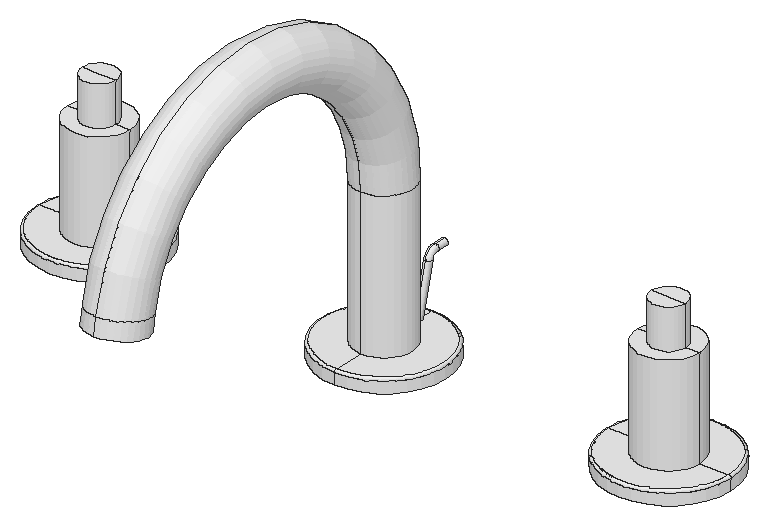
Revit family "Faucet-Lavatory-Grohe-Atrio-20072_Series", category Plumbing Fixtures, Revit 2014
Parameters (values of type "20072003")
  cUPC Compliant = yes
  Waste Connection = no
  Warranty Documentation Link = "https://cdn.cloud.grohe.com/tpi/1000/1900/1940/1949/1949006/original/1949006.pdf"
  WFU = 0
  Vent Connection = no
  URL = "http://www.grohe.com"
  Product Page URL = "https://www.grohe.us/en_us/atrio-8-widespread-two-handle-bathroom-faucet-s-size-20072003.html"
  Price = "Prices may vary. Please consult Manufacturer Representative for most up-to-date price list."  # constant formula
  Model = "20072003"
  Material = "Metal-Grohe-003-Chrome"
  Manufacturer = "Grohe"
  Length = 5 13/16"  # constant formula
  Installation Type = "Deck-Mounted"
  Hot Water Connection Diameter = 3/8"
  Height = 6 13/16"  # constant formula
  Handle Distance [instance] = 10"
  HWFU = 1.5
  HW Connection = yes
  Flow Rate = "1.2 gpm (4.5 L/min)"  # constant formula
  Finish = Metal-Grohe-003-Chrome
  Description = "Atrio 8\" Widespread Two-Handle Bathroom Faucet S-Size"
  Default Elevation = 0"
  Creation Date = "11/05/2018"  # constant formula
  Cold Water Connection Diameter = 3/8"
  CalGreen Compliant = yes
  CWFU = 1.5
  CW Connection = yes
  Assembly Code = "D2020300"
Types (3): name | Product Page URL | Model | Material | Finish
  (no name) | "https://www.grohe.us/en_us/atrio-8-widespread-two-handle-bathroom-faucet-s-size-20072003.html" | "20072003" | "Metal-Grohe-003-Chrome" | Metal-Grohe-003-Chrome
  20072003 | "https://www.grohe.us/en_us/atrio-8-widespread-two-handle-bathroom-faucet-s-size-20072003.html" | "20072003" | "Metal-Grohe-003-Chrome" | Metal-Grohe-003-Chrome
  20072EN3 | "https://www.grohe.us/en_us/atrio-8-widespread-two-handle-bathroom-faucet-s-size-20072EN3.html" | "20072EN3" | "Metal-Grohe-EN3-Brushed Nickel" | Metal-Grohe-EN3-Brushed Nickel
Reference planes (in)
  plane 1 "Center (Front/Back)": y = 0
  plane 2: z = 0
  plane 3 "Center (Left/Right)": x = 0
  plane 4: x = 5
  plane 5: x = -5
  plane 6: x = -3.90625
  plane 7: x = -6.09375
  plane 8: x = 1.09375
  plane 9: x = -1.09375
  plane 10: z = 1.75
  plane 11: x = -7.625
  plane 12: x = -0.81909
  plane 13: x = 0.81909
  plane 14: x = 3.90625
  plane 15: x = 6.09375
  plane 16: x = 7.625
  plane 17: z = 10.875
  plane 18: y = -5.8125
  plane 19: z = 3.0625
  plane 20: z = 6.17969
Forms (in)
  Revolve 1, solid, material "Metal-Grohe-003-Chrome" <- "Finish"
    sketch origin (0, 0, 0) x (1, 0, 0) y (0, 0, 1)
      loop
        line (-5, 0) -> (-3.91764, 0) -> (-3.91764, 0.19551)
        arc (-3.91764, 0.19551) -> (-3.92956, 0.2243) -> (-3.95835, 0.23622) r 0.04071
        line (-3.95835, 0.23622) -> (-4.45463, 0.23622) -> (-4.45463, 1.97644) -> (-4.70463, 1.97644) -> (-4.70463, 2.66844) -> (-5, 2.66844) -> (-5, 0)
      axis (-5, 2.66844) -> (-5, 0)
    angle from 0 to 360
  Revolve 2, solid, material "Metal-Grohe-003-Chrome" <- "Finish"
    sketch origin (0, 6.75, 0) x (0, 1, 0) y (0, 0, 1)
      loop
        line (-5.70794, 0.23622) -> (-6.75, 0.23622) -> (-6.75, 0) -> (-5.66722, 0) -> (-5.66722, 0.19551)
        arc (-5.66722, 0.19551) -> (-5.67915, 0.2243) -> (-5.70794, 0.23622) r 0.04071
      axis (-6.75, 0.23622) -> (-6.75, 0)
    angle from 0 to 360
  Revolve 3, solid, material "Metal-Grohe-003-Chrome" <- "Finish"
    sketch origin (0, 0, 0) x (-1, 0, 0) y (0, 0, 1)
      loop
        line (-5, 0) -> (-5, 2.66844) -> (-5.29537, 2.66844) -> (-5.29537, 1.97644) -> (-5.54537, 1.97644) -> (-5.54537, 0.23622) -> (-6.05304, 0.23622)
        arc (-6.05304, 0.23622) -> (-6.08182, 0.2243) -> (-6.09375, 0.19551) r 0.04071
        line (-6.09375, 0.19551) -> (-6.09375, 0) -> (-5, 0)
      axis (-5, 2.66844) -> (-5, 0)
    angle from 0 to 360
  Sweep 4, solid, material "Metal-Grohe-003-Chrome" <- "Finish"
    path origin (0, 0, 0) x (0, 1, 0) y (0, 0, 1)
      loop
        line (0, 0) -> (0, 2.77891)
        arc (0, 2.77891) -> (-2.67829, 5.70175) -> (-5.82345, 3.28839) r 2.93401
        line (-5.82345, 3.28839) -> (-5.8743, 3)
    profile origin (0, 0, 1.38945) x (0, -1, 0) y (1, 0, 0)
      loop
        circle (0, 0) r 0.5
  Sweep 5, solid, material "Metal-Grohe-003-Chrome" <- "Finish"
    path origin (0, 0, 0) x (0, 1, 0) y (0, 0, 1)
      loop
        line (0.74045, 0.14535) -> (0.97154, 1.07222)
        arc (0.97154, 1.07222) -> (1.02938, 1.16128) -> (1.12979, 1.19585) r 0.16309
        line (1.12979, 1.19585) -> (1.3312, 1.19585)
    profile origin (0, 0.856, 0.60878) x (0, -0.970296, 0.241922) y (1, 0, 0)
      loop
        circle (0, 0) r 0.05831
Cuts and joins
  joined: Revolve 1, Revolve 2, Revolve 3, Sweep 4, Sweep 5
Lines and regions (in)
  Masking region 1
    outline origin (0, 0, 0) x (1, 0, 0) y (0, 1, 0)
      loop
        circle (-5, 0) r 1.08236
      loop
        circle (5, 0) r 1.09375
      loop
        arc (0.5, -0.96042) -> (1.05829, 0.22895) -> (0.05831, 1.08121) r 1.08278
        line (0.05831, 1.08121) -> (0.05831, 1.3312) -> (-0.05831, 1.3312) -> (-0.05831, 1.08121)
        arc (-0.05831, 1.08121) -> (-1.05829, 0.22895) -> (-0.5, -0.96042) r 1.08278
        line (-0.5, -0.96042) -> (-0.5, -5.87501)
        arc (-0.5, -5.87501) -> (0, -6.37501) -> (0.5, -5.87501) r 0.5
        line (0.5, -5.87501) -> (0.5, -0.96042)
  symbolic lines, detail levels medium+fine
    curve 1: arc (0.5, 0, 0) -> (0, 0.5, 0) -> (-0.5, 0, 0) r 0.5
    curve 2: line (-0.5, 0, 0) -> (-0.5, -0.96042, 0)
    curve 3: line (0.5, 0, 0) -> (0.5, -0.96042, 0)
  symbolic lines, detail levels fine
    curve 4: circle (-5, 0, 0) r 0.54537 normal (0, 0, 1)
    curve 5: circle (5, 0, 0) r 0.54537 normal (0, 0, 1)
    curve 6: circle (-5, 0, 0) r 0.29537 normal (0, 0, 1)
    curve 7: circle (5, 0, 0) r 0.29537 normal (0, 0, 1)
    curve 8: line (-0.05831, 1.08121, 0) -> (-0.05831, 0.76327, 0)
    curve 9: line (0.05831, 1.08121, 0) -> (0.05831, 0.76327, 0)
    curve 10: arc (-0.05831, 0.76327, 0) -> (0, 0.70496, 0) -> (0.05831, 0.76327, 0) r 0.05831
Dimensions and locks (in)
  "Handle Distance": plane 5 to plane 4
  locked: plane 7 to plane 6 at 2.1875
  plane 9 to plane 8 = 2 3/16"
  locked: plane 6 to plane 5 at 1.09375
  locked: plane 11 to plane 5 at 2.625
  locked: plane 15 to plane 14 at 2.1875
  locked: plane 4 to plane 14 at 1.09375
  locked: plane 16 to plane 4 at 2.625
  equal spacing: plane 5, plane 3 "Center (Left/Right)", plane 4
  plane 19 to level = 3 1/16"
  plane 20 to level = 6 23/128"
  plane 1 "Center (Front/Back)" to plane 18 = 5 13/16"
  aligned and locked: plane 5 to Revolve 1 sketch curve  (x2)
  aligned and locked: Revolve 3 sketch curve to plane 15
  aligned and locked: Masking region 1 sketch curve to cut or joined group of Revolve 1, Revolve 2, Revolve 3, Sweep 4, Sweep 5  (x3)
  aligned and locked: curve 4 to cut or joined group of Revolve 1, Revolve 2, Revolve 3, Sweep 4, Sweep 5  (x2)
  aligned and locked: curve 5 to cut or joined group of Revolve 1, Revolve 2, Revolve 3, Sweep 4, Sweep 5  (x2)
  aligned and locked: curve 7 to cut or joined group of Revolve 1, Revolve 2, Revolve 3, Sweep 4, Sweep 5
  aligned and locked: curve 6 to cut or joined group of Revolve 1, Revolve 2, Revolve 3, Sweep 4, Sweep 5
Automatic sketch dimensions
  Revolve 1 sketch curve to level = 0"
  Revolve 1 sketch curve to plane 5 = 0.29537"
  Revolve 1 sketch curve to Revolve 1 sketch curve = 1/4"
  Revolve 1 sketch curve to plane 6 = 0.0521"
  Revolve 1 sketch curve to plane 6 = 0.01139"
  level to Revolve 1 sketch curve = 0.19551"
  Revolve 1 sketch curve to Revolve 1 sketch curve = 0.33455"
  Revolve 1 sketch curve to Revolve 1 sketch curve = 0.41545"
  Revolve 3 sketch curve to level = 0"
  Revolve 3 sketch curve to plane 4 = 0"  (x2)
  plane 15 to Revolve 3 sketch curve = 0.04071"
  Revolve 3 sketch curve to Revolve 3 sketch curve = 0.29537"
  Revolve 3 sketch curve to level = 0.19551"
  level to Revolve 3 sketch curve = 0.33455"
  Revolve 3 sketch curve to Revolve 3 sketch curve = 0.41545"
  Revolve 2 sketch curve to plane 1 "Center (Front/Back)" = 0"  (x2)
  Revolve 2 sketch curve to level = 0"
  Revolve 2 sketch curve to Revolve 2 sketch curve = 0.04071"
  level to Revolve 2 sketch curve = 0.19551"
  Revolve 2 sketch curve to level = 0.17556"
  Revolve 2 sketch curve to Revolve 2 sketch curve = 1/4"
  Sweep 4 sketch curve to plane 3 "Center (Left/Right)" = 0"
  profile plane to Sweep 4 sketch curve = 0"
  Revolve 2 sketch curve to Revolve 2 sketch curve = 1.04206"
  Revolve 3 sketch curve to Revolve 3 sketch curve = 1/4"
  plane 10 to Revolve 3 sketch curve = 0.22644"
  Revolve 1 sketch curve to plane 10 = 0.22644"
  Revolve 1 sketch curve to plane 19 = 0.39406"
  plane 19 to Revolve 3 sketch curve = 0.39406"
  Sweep 4 sketch curve to plane 1 "Center (Front/Back)" = 0"
  Sweep 4 sketch curve to level = 0"
  Sweep 4 sketch curve to plane 19 = 0.28359"
  Sweep 4 sketch curve to plane 18 = 2.87849"
  plane 18 to Sweep 4 sketch curve = 0.01095"
  plane 18 to Sweep 4 sketch curve = 0.0618"
  Sweep 4 sketch curve to plane 19 = 1/16"
  Sweep 5 sketch curve to plane 1 "Center (Front/Back)" = 0.97154"
  Sweep 5 sketch curve to Sweep 5 sketch curve = 0.15824"
  plane 10 to Sweep 5 sketch curve = 0.71723"
  Sweep 5 sketch curve to Sweep 5 sketch curve = 0.03945"
  level to Sweep 5 sketch curve = 0.14535"
  Sweep 5 sketch curve to plane 1 "Center (Front/Back)" = 0.74045"
  Sweep 5 sketch curve to Sweep 5 sketch curve = 0.20141"
  Sweep 5 sketch curve to plane 3 "Center (Left/Right)" = 0"
  Sweep 5 sketch curve to profile plane = 0"
  Masking region 1 sketch curve to plane 3 "Center (Left/Right)" = 0"
  plane 18 to Masking region 1 sketch curve = 1/16"
  plane 12 to Masking region 1 sketch curve = 0.31909"
  Masking region 1 sketch curve to Masking region 1 sketch curve = 1/4"
  Masking region 1 sketch curve to Masking region 1 sketch curve = 0"  (x3)
  Masking region 1 sketch curve to plane 3 "Center (Left/Right)" = 0.05831"
  plane 3 "Center (Left/Right)" to Masking region 1 sketch curve = 0.05831"
  plane 1 "Center (Front/Back)" to curve 1 = 0"
  curve 10 to plane 3 "Center (Left/Right)" = 0"
  curve 1 to plane 3 "Center (Left/Right)" = 0"
  plane 12 to curve 2 = 0.31909"
  curve 8 to curve 10 = 0.05831"
  curve 8 to plane 1 "Center (Front/Back)" = 0.76327"
  curve 3 to curve 3 = 0.96042"
  plane 1 "Center (Front/Back)" to curve 2 = 0.96042"
  curve 10 to curve 9 = 0.31794"
  curve 8 to curve 9 = 0"
  radius of Sweep 4 sketch curve = 1/2"
  radius of Sweep 5 sketch curve = 0.05831"
Connectors (in)
  piping at (-5, 0, 0), diameter 0.375, driven by "Cold Water Connection Diameter", driven by "HWFU"
    settings: on cut or joined group of Revolve 1, Revolve 2, Revolve 3, Sweep 4, Sweep 5, index 1, connector inside diameter 24", connector length 0", flow factor 0, pipe flow 0 GPM, pressure drop 0.00 psi, fitting loss kfactor 0, connector angle 0.00°, fixture units 1.5, engagement length 0", angle of deflection 0.00°, flow configuration 3, flow direction 1, fitting loss method 0, system type 19, joint type 0, gender type 0, connector reference index -1, connector utility 0, adjustable connector no, is connector primary yes, connector description "3/8\" HW Inlet Connection"
  piping at (5, 0, 0), diameter 0.375, driven by "CWFU", driven by "Cold Water Connection Diameter"
    settings: on cut or joined group of Revolve 1, Revolve 2, Revolve 3, Sweep 4, Sweep 5, index 2, connector inside diameter 24", connector length 0", flow factor 0, pipe flow 0 GPM, pressure drop 0.00 psi, fitting loss kfactor 0, connector angle 0.00°, fixture units 1.5, engagement length 0", angle of deflection 0.00°, flow configuration 3, flow direction 1, fitting loss method 0, system type 20, joint type 0, gender type 0, connector reference index -1, connector utility 0, adjustable connector no, is connector primary no, connector description "3/8\" CW Inlet Connection"
